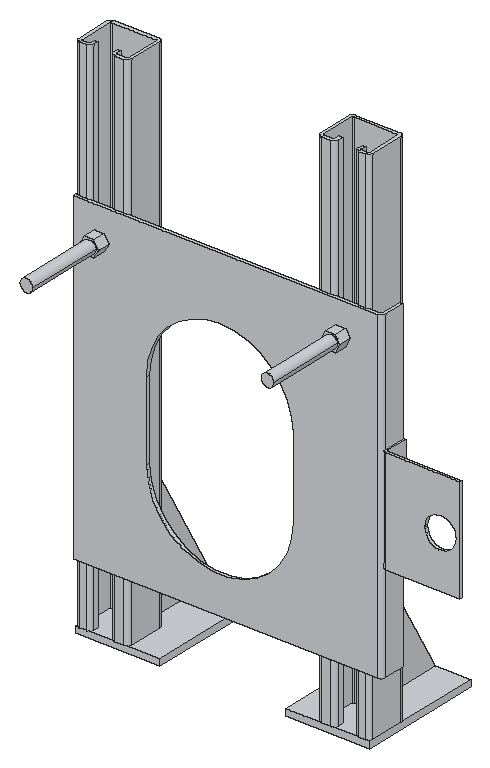
Revit family "Rebase 20.003", category Mechanical Equipment, Revit 2014
Parameters
  dt [instance] = Väggskivetjocklek + 3 mm  # 29 mm
  Väggskivetjocklek [instance] = 26 mm
  Vikt = 0 mm
  Sitthöjd [instance] = 420 mm
  Sidodragning [instance] = no
  Model = "20.003"
  Minsta fria innermått [instance] = if(not(Sidodragning), 120 mm, 160 mm)  # 120 mm
  Manufacturer = "Rebase AB"
  Höjd [instance] = Sitthöjd - 355 mm  # 65 mm
  Description = "Justerbar WC-Fixtur"
Reference planes
  plane 1 "Center (Front/Back)": y = 0
  plane 2: z = 0
  plane 3 "Center (Left/Right)": x = 0
  plane 4: z = 65
  plane 5: y = 26
Dimensions and locks
  "Höjd": plane 4 to level
  "dt": plane 1 "Center (Front/Back)" to nested 1
  "Väggskivetjocklek": plane 5 to plane 1 "Center (Front/Back)"
  aligned and locked: level to plane 2
  aligned and locked: plane 4 to nested 2
  aligned and locked: plane 5 to nested 2
Nested families
  nested 1: "20_003_a" at (0, 26, 0), type "20_003_a"
  nested 2: "20_003_b" at (0, 26, 20), type "20_003_b"
Definition of nested family "20_003_a"
  Reference planes
    plane 1 "Center (Front/Back)": y = 0
    plane 2: z = 0
    plane 3 "Center (Left/Right)": x = 0
    plane 4: y = 0
  Forms (mm)
    Extrusion 1, solid
      sketch origin (0, 0, 0) x (1, 0, 0) y (0, 1, 0)
        loop
          line (-140, 3) -> (-60, 3) -> (-60, 123) -> (-140, 123) -> (-140, 3)
      from 0 to 6
    Extrusion 2, solid
      sketch origin (0, 0, 0) x (1, 0, 0) y (0, 1, 0)
        loop
          line (140, 3) -> (140, 123) -> (60, 123) -> (60, 3) -> (140, 3)
      from 0 to 6
    Extrusion 3, solid
      sketch origin (1.221, 0, 0) x (1, 0, 0) y (0, 1, 0)
        loop
          line (-127.221, 6.975) -> (-127.221, 11.8) -> (-130.221, 11.8) -> (-130.221, 7)
          arc (-130.221, 7) -> (-130.514, 6.293) -> (-131.221, 6) r 1
          line (-131.221, 6) -> (-137.221, 6)
          arc (-137.221, 6) -> (-137.928, 6.293) -> (-138.221, 7) r 1
          line (-138.221, 7) -> (-138.221, 40.2)
          arc (-138.221, 40.2) -> (-137.928, 40.907) -> (-137.221, 41.2) r 1
          line (-137.221, 41.2) -> (-95.221, 41.2)
          arc (-95.221, 41.2) -> (-94.514, 40.907) -> (-94.221, 40.2) r 1
          line (-94.221, 40.2) -> (-94.221, 7)
          arc (-94.221, 7) -> (-94.514, 6.293) -> (-95.221, 6) r 1
          line (-95.221, 6) -> (-104.221, 6)
          arc (-104.221, 6) -> (-104.928, 6.293) -> (-105.221, 7) r 1
          line (-105.221, 7) -> (-105.221, 11.8) -> (-108.221, 11.8) -> (-108.221, 7)
          arc (-108.221, 7) -> (-107.049, 4.172) -> (-104.221, 3) r 4
          line (-104.221, 3) -> (-95.221, 3)
          arc (-95.221, 3) -> (-92.392, 4.172) -> (-91.221, 7) r 4
          line (-91.221, 7) -> (-91.221, 40.2)
          arc (-91.221, 40.2) -> (-92.392, 43.028) -> (-95.221, 44.2) r 4
          line (-95.221, 44.2) -> (-137.221, 44.2)
          arc (-137.221, 44.2) -> (-140.049, 43.028) -> (-141.221, 40.2) r 4
          line (-141.221, 40.2) -> (-141.221, 7)
          arc (-141.221, 7) -> (-140.049, 4.172) -> (-137.221, 3) r 4
          line (-137.221, 3) -> (-131.196, 3)
          arc (-131.196, 3) -> (-128.385, 4.164) -> (-127.221, 6.975) r 3.975
      from 6 to 506
    Extrusion 4, solid
      sketch origin (-1.221, 0, 0) x (-1, 0, 0) y (0, -1, 0)
        loop
          arc (-127.221, -6.975) -> (-128.385, -4.164) -> (-131.196, -3) r 3.975
          line (-131.196, -3) -> (-137.221, -3)
          arc (-137.221, -3) -> (-140.049, -4.172) -> (-141.221, -7) r 4
          line (-141.221, -7) -> (-141.221, -40.2)
          arc (-141.221, -40.2) -> (-140.049, -43.028) -> (-137.221, -44.2) r 4
          line (-137.221, -44.2) -> (-95.221, -44.2)
          arc (-95.221, -44.2) -> (-92.392, -43.028) -> (-91.221, -40.2) r 4
          line (-91.221, -40.2) -> (-91.221, -7)
          arc (-91.221, -7) -> (-92.392, -4.172) -> (-95.221, -3) r 4
          line (-95.221, -3) -> (-104.221, -3)
          arc (-104.221, -3) -> (-107.049, -4.172) -> (-108.221, -7) r 4
          line (-108.221, -7) -> (-108.221, -11.8) -> (-105.221, -11.8) -> (-105.221, -7)
          arc (-105.221, -7) -> (-104.928, -6.293) -> (-104.221, -6) r 1
          line (-104.221, -6) -> (-95.221, -6)
          arc (-95.221, -6) -> (-94.514, -6.293) -> (-94.221, -7) r 1
          line (-94.221, -7) -> (-94.221, -40.2)
          arc (-94.221, -40.2) -> (-94.514, -40.907) -> (-95.221, -41.2) r 1
          line (-95.221, -41.2) -> (-137.221, -41.2)
          arc (-137.221, -41.2) -> (-137.928, -40.907) -> (-138.221, -40.2) r 1
          line (-138.221, -40.2) -> (-138.221, -7)
          arc (-138.221, -7) -> (-137.928, -6.293) -> (-137.221, -6) r 1
          line (-137.221, -6) -> (-131.221, -6)
          arc (-131.221, -6) -> (-130.514, -6.293) -> (-130.221, -7) r 1
          line (-130.221, -7) -> (-130.221, -11.8) -> (-127.221, -11.8) -> (-127.221, -6.975)
      from 6 to 506
    Extrusion 5, solid
      sketch origin (0, 0, 0) x (0, 1, 0) y (0, 0, 1)
        loop
          line (44.2, 6) -> (123, 6) -> (44.2, 145) -> (44.2, 6)
      from -106.5 to -103.5
    Extrusion 6, solid
      sketch origin (0, 0, 0) x (0, 1, 0) y (0, 0, -1)
        loop
          line (44.2, -6) -> (44.2, -145) -> (123, -6) -> (44.2, -6)
      from -106.5 to -103.5
  Dimensions and locks
    aligned and locked: level to plane 2
    aligned and locked: plane 1 "Center (Front/Back)" to plane 4
Definition of nested family "20_003_b"
  Reference planes
    plane 1 "Center (Front/Back)": y = 0
    plane 2: z = 0
    plane 3 "Center (Left/Right)": x = 0
  Forms (mm)
    Extrusion 1, solid
      sketch origin (0, 0, 0) x (1, 0, 0) y (0, 1, 0)
        loop
          line (-140, 3) -> (-140, 0) -> (149.738, 0)
          arc (149.738, 0) -> (152.92, 1.318) -> (154.238, 4.5) r 4.5
          line (154.238, 4.5) -> (154.238, 25) -> (151.238, 25) -> (151.238, 4.5)
          arc (151.238, 4.5) -> (150.799, 3.439) -> (149.738, 3) r 1.5
          line (149.738, 3) -> (-140, 3)
      from 45 to 355
    Extrusion 2, void
      sketch origin (0, 0, 0) x (1, 0, 0) y (0, 0, 1)
        loop
          arc (-70, 150) -> (0, 80) -> (70, 150) r 70
          line (70, 150) -> (70, 225)
          arc (70, 225) -> (0, 295) -> (-70, 225) r 70
          line (-70, 225) -> (-70, 150)
      from 0 to -3
    Extrusion 3, solid
      sketch origin (0, 0, 0) x (1, 0, 0) y (0, 0, 1)
        loop
          line (-106.076, 325) -> (-110.538, 332.728) -> (-119.462, 332.728) -> (-123.924, 325) -> (-119.462, 317.272) -> (-110.538, 317.272) -> (-106.076, 325)
      from 0 to 12
    Extrusion 4, solid
      sketch origin (0, 0, 0) x (-1, 0, 0) y (0, 0, -1)
        loop
          line (-106.076, -325) -> (-110.538, -317.272) -> (-119.462, -317.272) -> (-123.924, -325) -> (-119.462, -332.728) -> (-110.538, -332.728) -> (-106.076, -325)
      from 0 to 12
    Extrusion 5, solid
      sketch origin (0, 0, 0) x (1, 0, 0) y (0, 0, 1)
        loop
          circle (-115, 325) r 6
      from 12 to 87
    Extrusion 6, solid
      sketch origin (0, 0, 0) x (-1, 0, 0) y (0, 0, -1)
        loop
          circle (-115, -325) r 6
      from 12 to 87
    Extrusion 7, solid
      sketch origin (0, 0, 0) x (1, 0, 0) y (0, 1, 0)
        loop
          line (154.238, 25) -> (154.238, 4)
          arc (154.238, 4) -> (155.41, 1.172) -> (158.238, 0) r 4
          line (158.238, 0) -> (228.238, 0) -> (228.238, 2.5) -> (158.238, 2.5)
          arc (158.238, 2.5) -> (157.178, 2.939) -> (156.738, 4) r 1.5
          line (156.738, 4) -> (156.738, 25) -> (154.238, 25)
      from 140 to 240
    Extrusion 8, void
      sketch origin (0, 0, 0) x (1, 0, 0) y (0, 0, 1)
        loop
          circle (210.238, 190) r 15
      from 0 to -2.5
  Cuts and joins
    Extrusion 2 cuts Extrusion 1
    Extrusion 8 cuts Extrusion 7
  Dimensions and locks
    aligned and locked: level to plane 2
